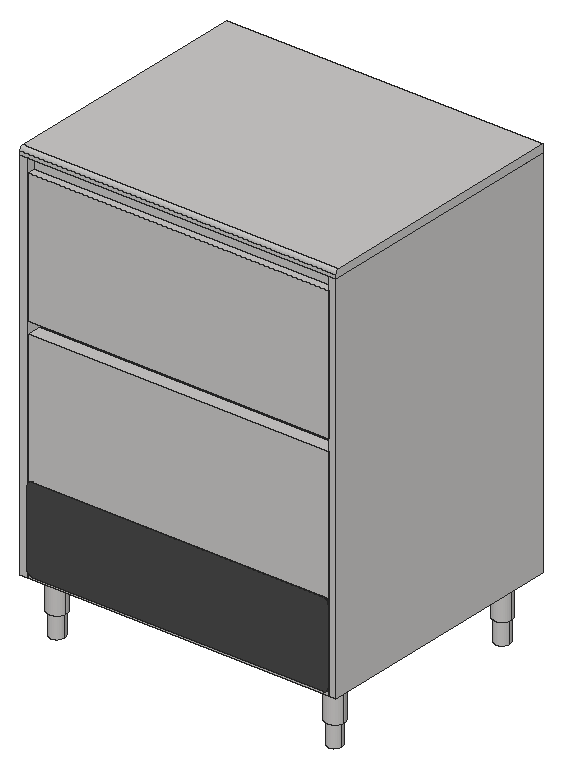
Revit family "QF_ZANUSSI_730330_ICC153I75SNP", category Attrezzature speciali, Revit 2018
Family settings
  Quota connettore circolare = Usa diametro
  Tipo di parte = Normale
  Basato su piano di lavoro = No
  Sempre verticale = Sì
  Taglio con vuoti quando caricato = No
  Condiviso = No
  Punto di calcolo locali = No
Parameters (values of type "Standard")
  Weight = 95.00 kg
  Watts = 0 W
  Volts = 220 V
  URL Manufacturer = "http://www.zanussiprofessional.com"
  URL = "http://www.zanussiprofessional.com"
  Steam Supply Size = 0 mm
  Steam Supply Minimum Pressure = 0.0 Pa
  Steam Supply Maximum Pressure = 0.0 Pa
  Steam Pounds per Hour = 0
  Show Logo [instance] = yes
  Show Clearance [instance] = yes
  Refrigeration Suction Line Size = 0 mm
  Refrigeration Liquid Line Size = 0 mm
  Refrigerant Compressor Remote = yes
  Produttore = "Zanussi"
  Phase = 1
  Modello = "ICC153I75SNP"
  Length Actual = 860 mm  # constant formula
  Item Number = "730330"
  Hot Water Size = 0 mm
  Height Actual = 1149 mm  # constant formula
  HP = "0 HP"
  Gas Size = 0 mm
  Gas KW = 0
  Gas Input Pressure = 0 W
  Descrizione = "AIR COOLED ICE CUBER 40GR 153KG/24H-BIN 75KG"
  Depth Actual = 700 mm  # constant formula
  Cycle = 50 Hz
  Condensate Return Size = 0 mm
  Compressed Air Volume = 0.0 L/s
  Compressed Air Size = 0 mm
  Compressed Air Pressure = 0.0 Pa
  Cold Water Size = 19.05 mm
  Accessory = yes
Reference planes
  plane 1 "Center X": y = 272.851
  plane 2: z = 0
  plane 3 "Center Y": x = -501.5
  plane 4 "LEFT": x = -931.5
  plane 5 "RIGHT": x = -71.5
  plane 6 "FRONT": y = -77.649
  plane 7 "BACK": y = 623.351
  plane 8: z = 154
  plane 9: z = 1198
  plane 10: z = 1178
  plane 11: x = -911.5
  plane 12: x = -91.5
  plane 13: y = -37.649
Forms (mm)
  Extrusion 1, solid, material "QF_Finishes_Black"
    sketch origin (-217.296, -77.649, 371.513) x (-1, 0, 0) y (0, 0, -1)
      loop
        arc (679.204, -20.487) -> (689.811, -16.093) -> (694.204, -5.487) r 15
        line (694.204, -5.487) -> (694.204, 195.469)
        arc (694.204, 195.469) -> (689.811, 206.075) -> (679.204, 210.469) r 15
        line (679.204, 210.469) -> (-110.796, 210.469)
        arc (-110.796, 210.469) -> (-121.403, 206.075) -> (-125.796, 195.469) r 15
        line (-125.796, 195.469) -> (-125.796, -5.487)
        arc (-125.796, -5.487) -> (-121.403, -16.093) -> (-110.796, -20.487) r 15
        line (-110.796, -20.487) -> (679.204, -20.487)
    from 0 to 2
  Extrusion 2, solid, material "QF_Finishes_Stainless Steel"
    sketch origin (-501.5, 0, 0) x (0, 1, 0) y (0, 0, 1)
      loop
        line (623.351, 1178) -> (623.351, 1198) -> (-67.649, 1198)
        arc (-67.649, 1198) -> (-74.72, 1195.071) -> (-77.649, 1188) r 10
        line (-77.649, 1188) -> (-77.649, 1178) -> (623.351, 1178)
    from -430 to 430
  Extrusion 3, solid, material "QF_Finishes_Stainless Steel"
    sketch origin (-519.2, 623.351, -284.545) x (1, 0, 0) y (0, 0, -1)
      loop
        circle (378.2, -654.545) r 10
    from 0 to 10
  Extrusion 4, solid, material "QF_Finishes_Stainless Steel"
    sketch origin (0, 0, 0) x (1, 0, 0) y (0, 1, 0)
      loop
        line (-931.5, 623.351) -> (-931.5, -77.649) -> (-911.5, -77.649) -> (-911.5, 623.351) -> (-931.5, 623.351)
    from 154 to 1178
  Extrusion 5, solid, material "QF_Finishes_Stainless Steel"
    sketch origin (0, 0, 0) x (1, 0, 0) y (0, 1, 0)
      loop
        line (-91.5, 623.351) -> (-91.5, -77.649) -> (-71.5, -77.649) -> (-71.5, 623.351) -> (-91.5, 623.351)
    from 154 to 1178
  Extrusion 6, solid, material "QF_Finishes_Stainless Steel"
    sketch origin (0, 0, 0) x (1, 0, 0) y (0, 1, 0)
      loop
        line (-911.5, 623.351) -> (-911.5, -37.649) -> (-91.5, -37.649) -> (-91.5, 623.351) -> (-911.5, 623.351)
    from 154 to 1178
  Extrusion 7, solid, material "QF_Finishes_Stainless Steel"
    sketch origin (0, 0, 0) x (1, 0, 0) y (0, 1, 0)
      loop
        line (-911.5, -77.649) -> (-91.5, -77.649) -> (-91.5, -37.649) -> (-911.5, -37.649) -> (-911.5, -77.649)
    from 154 to 748.657
  Extrusion 8, solid, material "QF_Finishes_Stainless Steel"
    sketch origin (-501.5, 0, 0) x (0, 1, 0) y (0, 0, 1)
      loop
        line (-37.649, 1178) -> (-57.649, 1178) -> (-57.649, 1142) -> (-77.649, 1142) -> (-77.649, 780.633) -> (-57.649, 780.633) -> (-57.649, 765.633) -> (-37.649, 765.633) -> (-37.649, 1178)
    from -410 to 410
  Extrusion 9, solid, material "QF_Finishes_Stainless Steel"
    sketch origin (-504.7, 623.351, -432.545) x (1, 0, 0) y (0, 0, -1)
      loop
        circle (378.2, -654.545) r 10
    from 0 to 10
  Extrusion 10, solid, material "QF_Finishes_Stainless Steel"
    sketch origin (-560.2, 623.351, -316.545) x (1, 0, 0) y (0, 0, -1)
      loop
        circle (378.2, -654.545) r 10
    from 0 to 10
Lines and regions (mm)
  Split face 1
    outline origin (-501.5, -57.649, 1178) x (0, 0, -1) y (1, 0, 0)
      loop
        line (5.715, 287.428) -> (30.715, 287.428) -> (30.715, 327.428) -> (5.715, 327.428) -> (5.715, 287.428)
  symbolic lines
    curve 1: line (-931.5, 623.351, 0) -> (-71.5, 623.351, 0)
    curve 2: line (-931.5, -77.649, 0) -> (-931.5, 623.351, 0)
    curve 3: line (-71.5, -77.649, 0) -> (-931.5, -77.649, 0)
    curve 4: line (-71.5, 623.351, 0) -> (-71.5, -77.649, 0)
Dimensions and locks
  equal spacing: plane 4 "LEFT", plane 3 "Center Y", plane 5 "RIGHT"
  plane 4 "LEFT" to plane 5 "RIGHT" = 860 mm
  equal spacing: plane 7 "BACK", plane 1 "Center X", plane 6 "FRONT"
  plane 7 "BACK" to plane 6 "FRONT" = 701 mm
  plane 8 to plane 2 = 154 mm
  plane 9 to plane 8 = 1044 mm
  locked: plane 4 "LEFT" to plane 11 at 20
  locked: plane 12 to plane 5 "RIGHT" at 20
  locked: plane 9 to plane 10 at 20
  locked: plane 13 to plane 6 "FRONT" at 40
  aligned and locked: level to plane 2
  aligned and locked: plane 5 "RIGHT" to Extrusion 2
  aligned and locked: Extrusion 2 to plane 4 "LEFT"
  aligned and locked: Extrusion 4 sketch curve to Extrusion 2  (x2)
  aligned and locked: plane 6 "FRONT" to Extrusion 4 sketch curve
  aligned and locked: Extrusion 4 sketch curve to plane 11
  aligned and locked: Extrusion 5 sketch curve to plane 7 "BACK"
  aligned and locked: plane 12 to Extrusion 5 sketch curve
  aligned and locked: Extrusion 5 sketch curve to Extrusion 2  (x2)
  aligned and locked: plane 10 to Extrusion 4
  aligned and locked: plane 10 to Extrusion 5
  aligned and locked: Extrusion 4 to plane 8
  aligned and locked: Extrusion 5 to plane 8
  aligned and locked: Extrusion 6 sketch curve to Extrusion 4
  aligned and locked: Extrusion 4 to Extrusion 6 sketch curve
  aligned and locked: plane 13 to Extrusion 6 sketch curve
  aligned and locked: Extrusion 6 sketch curve to plane 12
  aligned and locked: plane 10 to Extrusion 6
  aligned and locked: Extrusion 6 to plane 8
  aligned and locked: Extrusion 4 to Extrusion 7 sketch curve
  aligned and locked: Extrusion 7 sketch curve to Extrusion 4
  aligned and locked: plane 13 to Extrusion 7 sketch curve
  aligned and locked: plane 12 to Extrusion 7 sketch curve
  aligned and locked: Extrusion 7 to plane 8
  aligned and locked: plane 12 to Extrusion 8
  aligned and locked: Extrusion 8 to plane 11
Automatic sketch dimensions
  curve 3 to plane 4 "LEFT" = 0 mm
  curve 3 to plane 5 "RIGHT" = 0 mm
  curve 3 to plane 6 "FRONT" = 0 mm
  curve 2 to plane 7 "BACK" = 0 mm
  Extrusion 1 sketch curve to plane 12 = 0 mm
  plane 8 to Extrusion 1 sketch curve = 7.044 mm
  Extrusion 1 sketch curve to Extrusion 1 sketch curve = 15 mm  (x3)
  plane 11 to Extrusion 1 sketch curve = 15 mm  (x2)
  Extrusion 1 sketch curve to Extrusion 1 sketch curve = 200.956 mm
  Extrusion 2 sketch curve to plane 6 "FRONT" = 0 mm
  Extrusion 2 sketch curve to plane 9 = 0 mm
  Extrusion 2 sketch curve to plane 7 "BACK" = 0 mm
  Extrusion 2 sketch curve to plane 10 = 0 mm
  plane 6 "FRONT" to Extrusion 2 sketch curve = 10 mm
  Extrusion 6 to Extrusion 3 sketch curve = 216 mm
  Extrusion 3 sketch curve to Extrusion 6 = 49.5 mm
  Split face 1 sketch curve to Extrusion 8 = 5.715 mm
  Extrusion 8 to Split face 1 sketch curve = 5.285 mm
  Split face 1 sketch curve to Extrusion 8 = 122.572 mm
  Split face 1 sketch curve to Split face 1 sketch curve = 40 mm
  Extrusion 9 sketch curve to Extrusion 6 = 35 mm
  Extrusion 6 to Extrusion 9 sketch curve = 68 mm
  Extrusion 10 sketch curve to Extrusion 6 = 90.5 mm
  Extrusion 6 to Extrusion 10 sketch curve = 184 mm
  Extrusion 8 sketch curve to plane 6 "FRONT" = 0 mm
  Extrusion 8 sketch curve to plane 10 = 0 mm
  Extrusion 8 sketch curve to plane 13 = 0 mm
  plane 6 "FRONT" to Extrusion 8 sketch curve = 20 mm
  Extrusion 8 sketch curve to Extrusion 8 sketch curve = 20 mm
  Extrusion 8 sketch curve to plane 10 = 36 mm
  Extrusion 8 sketch curve to Extrusion 8 sketch curve = 361.367 mm
  Extrusion 8 sketch curve to Extrusion 8 sketch curve = 15 mm
  radius of Extrusion 3 sketch curve = 10 mm
  radius of Extrusion 9 sketch curve = 10 mm
  radius of Extrusion 10 sketch curve = 10 mm
Nested families
  nested 1: "Foot_Complete" at (-879.5, -17.649, 0), type "Foot_Complete"
  nested 2: "Foot_Complete" at (-123.5, -17.649, 0) x (-1, 0, 0) z (0, 0, 1), type "Foot_Complete"
  nested 3: "Foot_Complete" at (-879.5, 552.351, 0), type "Foot_Complete"
  nested 4: "Foot_Complete" at (-123.5, 552.351, 0) x (-1, 0, 0) z (0, 0, 1), type "Foot_Complete"
Connectors
  electrical at (-126.5, 633.351, 222), driven by "Volts"
    settings: on Extrusion 9, index 1, voltage 220 V, apparent load 0 VA, apparent load phase1 0 VA, apparent load phase2 0 VA, apparent load phase3 0 VA, power factor 1, load classification "Altro", number of poles 1, system type 30, power factor state 1, is connector primary yes, connector utility no, sub classification motor no, connector description "Electrical Connection"
  piping at (-141, 633.351, 370), diameter 20
    settings: on Extrusion 3, index 2, connector inside diameter 609.6 mm, connector length 0 mm, flow factor 0, pipe flow 0.0 L/s, pressure drop 0.0 Pa, fitting loss kfactor 0, connector angle 0.00°, fixture units 0, engagement length 0 mm, angle of deflection 0.00°, flow configuration 0, flow direction 0, fitting loss method 0, system type 20, joint type 0, gender type 0, connector reference index -1, connector utility 0, adjustable connector no, is connector primary yes, connector description "Cold water"
  piping at (-182, 633.351, 338), diameter 20
    settings: on Extrusion 10, index 3, connector inside diameter 609.6 mm, connector length 0 mm, flow factor 0, pipe flow 0.0 L/s, pressure drop 0.0 Pa, fitting loss kfactor 0, connector angle 0.00°, fixture units 0, engagement length 0 mm, angle of deflection 0.00°, flow configuration 0, flow direction 0, fitting loss method 0, system type 16, joint type 0, gender type 0, connector reference index -1, connector utility 0, adjustable connector no, is connector primary no, connector description "Drain"
Definition of nested family "Foot_Complete"
  Parameters (values of type "Foot_Complete")
    R = 25 mm
    H = 153 mm
  Reference planes
    plane 1 "Centro (Fronte/Retro)": y = 0
    plane 2: z = 0
    plane 3 "Centro (Sinistra/Destra)": x = 0
    plane 4: z = 153
  Forms (mm)
    Revolve 1, solid
      sketch origin (255.05, 0, 608.09) x (0, 0, 1) y (-1, 0, 0)
        loop
          line (-608.09, 255.05) -> (-608.09, 235.05) -> (-548.09, 235.05) -> (-548.09, 230.05) -> (-455.09, 230.05) -> (-455.09, 255.05) -> (-608.09, 255.05)
        axis (-608.09, 255.05) -> (-455.09, 255.05)
      angle from 0 to 360
  Dimensions and locks
    level to Revolve 1 sketch curve = 60 mm
    "R": Revolve 1 sketch curve to plane 3 "Centro (Sinistra/Destra)"
    "H": plane 4 to level
    aligned and locked: level to plane 2
    aligned and locked: plane 4 to Revolve 1 sketch curve
    aligned and locked: Revolve 1 sketch curve to level
    aligned and locked: plane 3 "Centro (Sinistra/Destra)" to Revolve 1 sketch curve
  Automatic sketch dimensions
    Revolve 1 sketch curve to plane 3 "Centro (Sinistra/Destra)" = 0 mm
    plane 3 "Centro (Sinistra/Destra)" to Revolve 1 sketch curve = 20 mm
    Revolve 1 sketch curve to Revolve 1 sketch curve = 50 mm
    Revolve 1 sketch curve to Revolve 1 sketch curve = 20 mm
